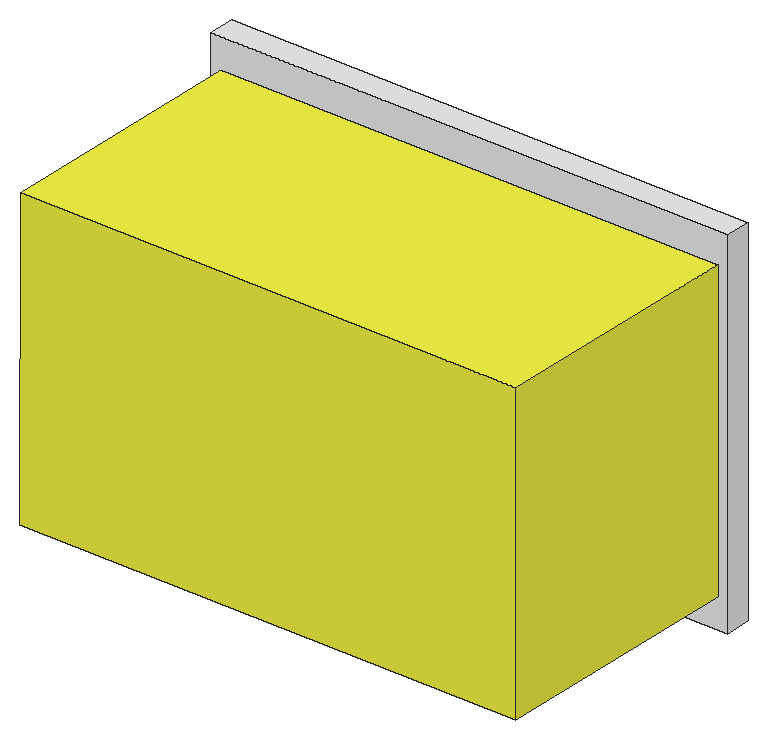
Revit family "Elet_Caixa_Tomadas", category Electrical Fixtures, host Wall, Revit 2025
Family settings
  Host = Wall
  Round Connector Dimension = Use Diameter
  Part Type = Normal
  OmniClass Number = 23.80.00.00
  OmniClass Title = Electric Power and Lighting
  Always vertical = Yes
  Cut with Voids When Loaded = No
  Maintain Annotation Orientation = No
  Shared = No
  Room Calculation Point = Yes
Parameters (values of type "Tomada_Baixa")
  Mat_Tampa = PVC eletricas tampas
  Mat_Caixa = PVC elétricas caixas
  Default Elevation = 0 mm
  Altura = 300 mm
Types (3, lengths in mm): name | Mat_Caixa | Altura
  Tomada_Baixa | PVC elétricas caixas | 300
  Tomada_Alta | PVC eletricas tampas | 2225
  Tomada Média | PVC eletricas tampas | 1200
Reference planes
  plane 1: y = 0
  plane 2 "Center (Left/Right)": x = 125
  plane 3 "Back": y = 75
  plane 4: z = 300
  plane 5: z = 328.795
Forms (mm)
  Extrusion 1, solid, material "PVC elétricas caixas" <- "Mat_Caixa"
    sketch origin (132.516, 26.3, 1523.376) x (0, 0, -1) y (-1, 0, 0)
      loop
        line (1194.582, 55.516) -> (1194.582, -40.484) -> (1252.171, -40.484) -> (1252.171, 55.516) -> (1194.582, 55.516)
    from 0 to 48.7
  Extrusion 2, solid, material "PVC eletricas tampas" <- "Mat_Tampa"
    sketch origin (0, 0, 0) x (1, 0, 0) y (0, 1, 0)
      loop
        line (75, 75) -> (175, 75) -> (175, 80) -> (75, 80) -> (75, 75)
    from 265.416 to 334.584
Text (mm)
  text "Placement side" at (-1867.185, 1116.779, 0), in view "Ref. Level"
  text "Placement side" at (0, -15.653, 3001.832), in view "Left"
  text "Placement side" at (0, 530.812, 2999.686), in view "Right"
Dimensions and locks
  locked: plane 3 "Back" to host wall
  locked: Extrusion 1 to Extrusion 1 at 96
  Extrusion 1 to Extrusion 1 = 96 mm  (x2)
  "Altura": level to plane 4
  locked: Extrusion 1 to Extrusion 1 at 57.589
  equal spacing: Extrusion 1, plane 4, Extrusion 1
  locked: plane 4 to plane 5 at 28.795
  equal spacing: Extrusion 2, plane 2 "Center (Left/Right)", Extrusion 2
  equal spacing: Extrusion 1, plane 2 "Center (Left/Right)", Extrusion 1
  equal spacing: Extrusion 2, plane 4, Extrusion 2
  locked: plane 5 to Extrusion 2 at 5.789
  locked: Extrusion 2 to Extrusion 1 at 5.789
  locked: Extrusion 2 to Extrusion 2 at 5
  aligned and locked: plane 1 to host wall
  aligned and locked: Extrusion 1 to plane 3 "Back"
  aligned and locked: plane 5 to Extrusion 1
  aligned and locked: Extrusion 2 to Extrusion 1
Automatic sketch dimensions
  plane 4 to Extrusion 1 sketch curve = 28.795 mm
  Extrusion 1 sketch curve to Extrusion 1 sketch curve = 57.589 mm
  plane 2 "Center (Left/Right)" to Extrusion 1 sketch curve = 48 mm
  Extrusion 1 sketch curve to plane 2 "Center (Left/Right)" = 48 mm
  Extrusion 2 sketch curve to host wall = 0 mm
  host wall to Extrusion 2 sketch curve = 5 mm
  Extrusion 2 sketch curve to plane 2 "Center (Left/Right)" = 50 mm
  plane 2 "Center (Left/Right)" to Extrusion 2 sketch curve = 50 mm
